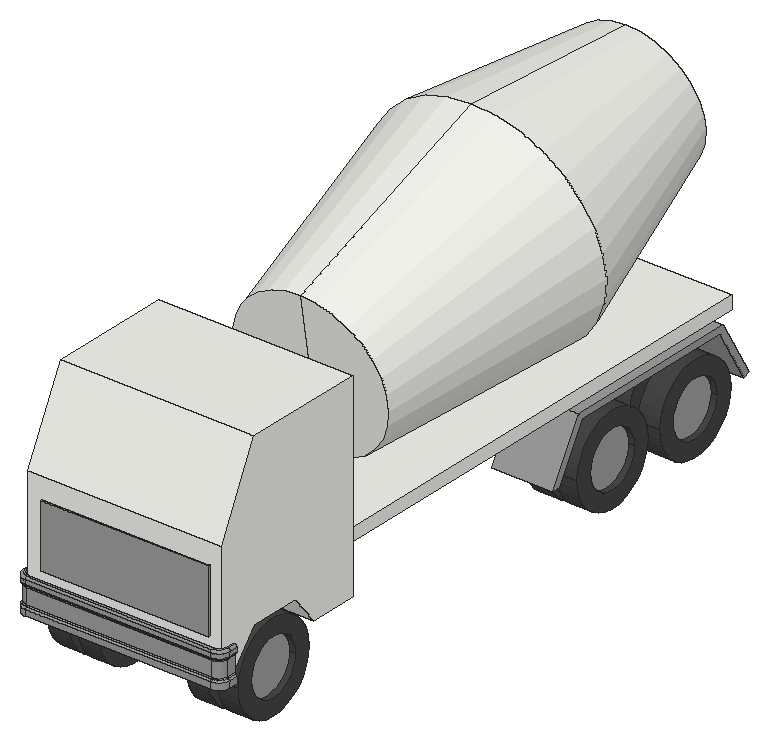
Revit family "6f7d639a43004c668ba99360804bccdb", category Site, Revit 2021
Family settings
  Round Connector Dimension = Use Diameter
  Part Type = Normal
  Seek Item ID = Concrete Truck-0000-USA-ENU
  Work Plane-Based = No
  Always vertical = No
  Cut with Voids When Loaded = No
  Shared = No
Parameters (values of type "Concrete Truck")
  Cab = Metal, Paint Finish, White, Matte
  Tires = Plastic, Opaque Black
  Trailer = Metal, Paint Finish, White, Matte
Reference planes (in)
  plane 1 "Center (Left/Right)": x = -1.73077
  plane 2: z = 0
  plane 3 "Front": y = -166.26923
  plane 4: z = 18
  plane 5: z = 18
  plane 6: y = -184.26923
  plane 7: z = 18
  plane 8: z = 18
  plane 9 "Center (Front/Back)": y = -5.76923
  plane 10 "Back": y = 154.73077
Forms (in)
  Extrusion 1, solid, material "Steel"
    sketch origin (-1.73077, -166.26923, 0) x (0, -1, 0) y (1, 0, 0)
      loop
        line (-100, 16) -> (-315, 16) -> (-315, -16) -> (-100, -16) -> (-100, -29.69599) -> (-48, -29.69599) -> (-48, 30.30401) -> (-100, 30.30401) -> (-100, 16)
    from 28 to 48
  Extrusion 2, solid, material "Plastic, Opaque Black" <- "Tires"
    sketch origin (-1.73077, 54, 0) x (0, -1, 0) y (0, 0, -1)
      loop
        circle (-67.73077, -20.25) r 20.5
      loop
        circle (177.26923, -20.25) r 20.5
      loop
        circle (-19.73077, -20.25) r 20.5
      loop
        circle (177.26923, -20.25) r 13
      loop
        circle (-19.73077, -20.25) r 13
      loop
        circle (-67.73077, -20.25) r 13
    from 34.375 to 44.375
  Sweep 3, solid, material "Steel, Chrome Plated"
    path origin (222, 183, 0) x (1, 0, 0) y (0, 1, 0)
      loop
        line (-271.73077, -332.26923) -> (-271.73077, -336.26923)
        arc (-271.73077, -336.26923) -> (-270.2663, -339.80476) -> (-266.73077, -341.26923) r 5
        line (-266.73077, -341.26923) -> (-180.73077, -341.26923)
        arc (-180.73077, -341.26923) -> (-177.19524, -339.80476) -> (-175.73077, -336.26923) r 5
        line (-175.73077, -336.26923) -> (-175.73077, -332.26923)
    profile origin (0, -151.26923, 0) x (1, 0, 0) y (0, 0, 1)
      loop
        line (-49.73077, 26.02419) -> (-47.73077, 26.02419) -> (-47.73077, 42.02419) -> (-48.73077, 42.02419)
        arc (-48.73077, 42.02419) -> (-49.43788, 41.7313) -> (-49.73077, 41.02419) r 1
        line (-49.73077, 41.02419) -> (-49.73077, 39.02419) -> (-48.963, 38.25642)
        arc (-48.963, 38.25642) -> (-48.74623, 37.932) -> (-48.67011, 37.54932) r 1
        line (-48.67011, 37.54932) -> (-48.67011, 30.37774)
        arc (-48.67011, 30.37774) -> (-48.74623, 29.99506) -> (-48.963, 29.67064) r 1
        line (-48.963, 29.67064) -> (-49.73077, 28.90287) -> (-49.73077, 26.02419)
  Extrusion 4, solid, material "Metal, Paint Finish, White, Matte"
    sketch origin (-1.73077, 54, 0) x (0, -1, 0) y (0, 0, 1)
      loop
        line (189.30344, 122) -> (132.26923, 122) -> (132.26923, 30) -> (154.76923, 30) -> (165.88321, 43.24512) -> (189.43962, 43.24512) -> (200.6104, 29.93231) -> (208.25451, 29.93231) -> (208.25451, 84) -> (189.30344, 122)
    from -45 to 45
  Extrusion 5, solid, material "Plastic, Opaque Black" <- "Tires"
    sketch origin (-1.73077, 54, 0) x (0, -1, 0) y (0, 0, 1)
      loop
        circle (-67.73077, 20.25) r 20.5
      loop
        circle (177.26923, 20.25) r 20.5
      loop
        circle (-19.73077, 20.25) r 20.5
      loop
        circle (-67.73077, 20.25) r 13
      loop
        circle (-19.73077, 20.25) r 13
      loop
        circle (177.26923, 20.25) r 13
    from 34.375 to 44.375
  Revolve 6, solid, material "Metal, Paint Finish, White, Matte"
    sketch origin (-1.73077, 0, 0) x (0, -1, 0) y (0, 0, 1)
      loop
        line (45.9847, 92.72482) -> (-142.53185, 125.89482) -> (-148.14285, 94.00555) -> (-66.38439, 57.2731) -> (39.74687, 57.2731) -> (45.9847, 92.72482)
      axis (45.9847, 92.72482) -> (-142.53185, 125.89482)
    angle from 0 to 360
  Extrusion 7, solid, material "Metal, Paint Finish, White, Matte"
    sketch origin (222, 54, 0) x (1, 0, 0) y (0, 1, 0)
      loop
        line (-262.15164, -132.26923) -> (-184.15164, -132.26923) -> (-184.15164, 94.73077) -> (-262.15164, 94.73077) -> (-262.15164, -132.26923)
    from 48 to 53.92969
  Extrusion 8, solid, material "Plastic, Opaque Black" <- "Tires"
    sketch origin (-16.10577, 54, 0) x (0, -1, 0) y (0, 0, -1)
      loop
        circle (-67.73077, -20.25) r 20.5
      loop
        circle (177.26923, -20.25) r 20.5
      loop
        circle (-19.73077, -20.25) r 20.5
    from 34.375 to 44.375
  Extrusion 9, solid, material "Plastic, Opaque Black" <- "Tires"
    sketch origin (12.64423, 54, 0) x (0, -1, 0) y (0, 0, 1)
      loop
        circle (-67.73077, 20.25) r 20.5
      loop
        circle (177.59416, 20.13491) r 20.5
      loop
        circle (-19.73077, 20.25) r 20.5
    from 34.375 to 44.375
  Extrusion 10, solid, material "Steel, Chrome Plated"
    sketch origin (-46.10577, 54, 0) x (0, -1, 0) y (0, 0, 1)
      loop
        line (-98.60797, 21.96308) -> (-95.99285, 20.49299) -> (-82.21616, 45) -> (-1.70328, 45) -> (11.56467, 22.01924) -> (15.02877, 22.01924) -> (0.02877, 48) -> (-83.97123, 48) -> (-98.60797, 21.96308)
    from -28.375 to 0
  Extrusion 11, solid, material "Steel, Chrome Plated"
    sketch origin (42.64423, 54, 0) x (0, -1, 0) y (0, 0, -1)
      loop
        line (-98.60797, -21.96308) -> (-83.97123, -48) -> (0.02877, -48) -> (15.02877, -22.01924) -> (11.56467, -22.01924) -> (-1.70328, -45) -> (-82.21616, -45) -> (-95.99285, -20.49299) -> (-98.60797, -21.96308)
    from -28.375 to 0
  Extrusion 12, solid, material "Steel"
    sketch origin (-46.73077, -154.25451, 29.93231) x (1, 0, 0) y (0, 0, 1)
      loop
        line (6.563, 44.60579) -> (6.563, 15.06769) -> (84.57913, 15.06769) -> (84.57913, 44.60579) -> (6.563, 44.60579)
    from 0 to 0.92188
  Extrusion 13, solid, material "Steel"
    sketch origin (-46.10577, 54, 0) x (0, -1, 0) y (0, 0, 1)
      loop
        circle (177.26923, 20.25) r 13
      loop
        circle (-19.73077, 20.25) r 13
      loop
        circle (-67.73077, 20.25) r 13
    from -10 to -3.86719
  Extrusion 14, solid, material "Steel"
    sketch origin (42.64423, 54, 0) x (0, -1, 0) y (0, 0, -1)
      loop
        circle (177.1976, -20.2498) r 13
      loop
        circle (-19.8024, -20.2498) r 13
      loop
        circle (-67.73077, -20.25) r 13
    from -10 to -3.21094
Lines and regions (in)
  Split face 1
    outline origin (43.26923, 54, 0) x (0, -1, 0) y (0, 0, 1)
      loop
        line (202.14497, 81.12962) -> (184.50871, 115.74272) -> (144.26923, 115.74272) -> (144.26923, 41.99943) -> (155.30069, 41.99943) -> (163.69168, 51.99943) -> (202.14497, 51.99943) -> (202.14497, 81.12962)
  Split face 2
    outline origin (43.26923, 54, 0) x (0, -1, 0) y (0, 0, 1)
      loop
        line (182.87614, 113.02186) -> (147.41909, 113.02186) -> (147.41909, 86.02186) -> (196.63332, 86.02186) -> (182.87614, 113.02186)
  Split face 3
    outline origin (-46.73077, -154.25451, 84) x (1, 0, 0) y (0, 0.446292, 0.894888)
      loop
        line (3, 3.17786) -> (86.57913, 3.17786) -> (86.57913, 36.17786) -> (3, 36.17786) -> (3, 3.17786)
  Split face 4
    outline origin (-46.73077, 54, 0) x (0, -1, 0) y (0, 0, 1)
      loop
        line (144.26923, 115.74272) -> (144.26923, 41.99943) -> (155.30069, 41.99943) -> (163.69168, 51.99943) -> (202.26923, 51.99943) -> (202.26923, 80.05685) -> (184.47225, 115.74272) -> (144.26923, 115.74272)
  Split face 5
    outline origin (-46.73077, 54, 0) x (0, -1, 0) y (0, 0, 1)
      loop
        line (147.34474, 113.02186) -> (147.34474, 86.02186) -> (196.51293, 86.02186) -> (183.04769, 113.02186) -> (147.34474, 113.02186)
Dimensions and locks (in)
  aligned and locked: Extrusion 5 to Extrusion 13
